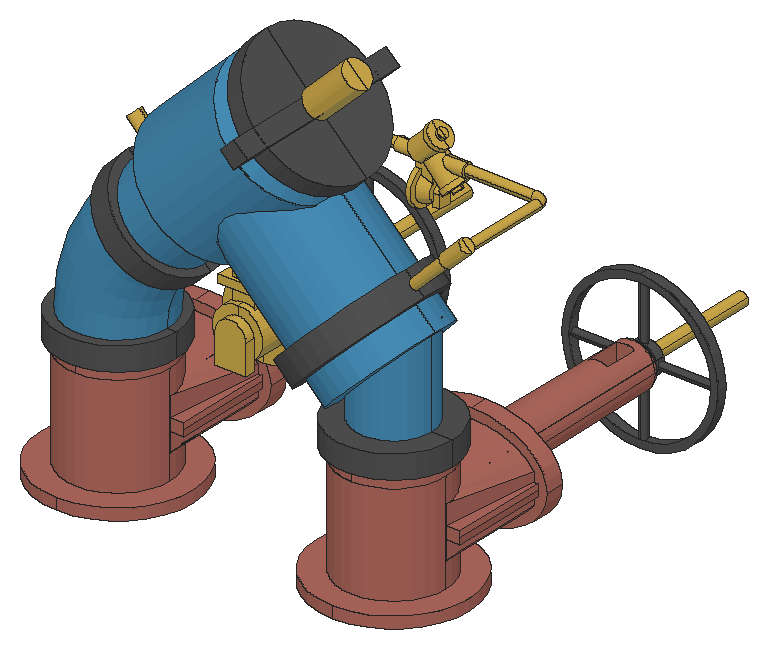
Revit family "Backflow_Preventer-RP-Zurn_Wilkins-Model_475DA_475DAG-(8-10_Inch)", category Pipe Accessories, Revit 2022
Family settings
  Round Connector Dimension = Use Radius
  Part Type = Valve - Breaks Into
  OmniClass Number = 23.65.55.14.21
  OmniClass Title = Non-Return Valves for Liquid Services
  Work Plane-Based = No
  Always vertical = Yes
  Cut with Voids When Loaded = No
  Shared = No
Parameters (values of type "10-475DA (10" 475DA Flanged)")
  URL = "https://www.zurn.com"
  Type Comments = ""
  Symbolic diagram = Symbolic diagram 475DAOSYF(8-10) : 10"
  Symbol allign = 0"
  Repair Parts URL = "https://files.zurn.com/repair-parts/475da_475dav_repair_kits_guide_digital.pdf"
  Rated Flow = 2300 GPM
  Product data URL = "https://www.bimobject.com/en/zurnindustries/product/zurn-475da"
  Product Weight (lbs) = 1113
  Product Page URL = "https://www.zurn.com/products/water-control/backflow-preventers/475da"
  Product Installation Sheet URL = "https://files.zurn.com/care-cleaning-install-warranty-sheets/is475-v,da,dav-8.pdf"
  Product Documentation Link = "https://files.zurn.com/spec-sheets/bf-475da-v.pdf"
  Pressure Loss at Rated Flow = 14.60 psi
  Pipe Size = 1 3/32"
  Overall Length = 29"
  Overall Height = 47 1/2"
  Nominal Diameter = Nominal Radius * 2  # 10"
  Modified Date = "07/17/2025"  # constant formula
  Max Working Water Temperature = 140 °F  # constant formula
  Max Working Water Pressure = 175.00 psi  # constant formula
  Manufacturer Brand = "Zurn Wilkins"  # constant formula
  Main Material = Paint - Zurn - Ductile Iron - Blue
  Main Body DA = Main Body 475 : 10"
  Symbol Length = 24"
  Nominal Radius = 5"
  Model = "475DA"
  Manufacturer = "Zurn Water, LLC"  # constant formula
  MR body flange dia-2 = 14 1/2"
  MR body flange dia-1 = 12 1/2"
  Length = Overall Length  # 29"
  Hydrostatic Test Pressure = 350.00 psi  # constant formula
  Height = Overall Height  # 47 1/2"
  Gate valve = Gate Valve_475VOSY : 10"
  Flow Rate (GPM) = 0 GPM
  Description = "Reduced Pressure Detector Assembly"  # constant formula
  Default Elevation = 0"
  Date Created = "07/17/2025"  # constant formula
  DIM D Valve Center to DA End = 13"  # constant formula
  VALVE CENTER TO END = 10"
  DIM C - VALVE CENTER TO GATE STEM END = 45 3/4"
  DA Height = 18 1/8"  # constant formula
  DA Front = 5"  # constant formula
  Bypass = Bypass 475DA(8-10_inch) : 10"
  Bend Radius Outside = 2"
  Bend Radius = 1"
  DIM B - OVERALL HEIGHT OF THE VALVE = 47 1/2"
  Assembly Code = "D2020300"
  DIM A - VALVE INLET CENTER TO OUTLET CENTER = 29"
Reference planes (in)
  plane 1 "Center (Front/Back)": y = 0
  plane 2: z = 0
  plane 3 "Center (Left/Right)": x = 0
  plane 4: z = 32.12448
  plane 5: x = 14.5
  plane 6: x = -14.5
  plane 7: z = -15.37552
  plane 8: z = -1.12552
  plane 9: y = 45.75
  plane 10: y = -10
  plane 11: y = 13
  plane 12: x = 5
  plane 13: z = 18.125
Dimensions and locks (in)
  equal spacing: plane 5, plane 3 "Center (Left/Right)", plane 6
  "DIM A - VALVE INLET CENTER TO OUTLET CENTER": plane 5 to plane 6
  "DIM B - OVERALL HEIGHT OF THE VALVE": plane 4 to plane 7
  "DIM C - VALVE CENTER TO GATE STEM END": plane 1 "Center (Front/Back)" to plane 9
  "VALVE CENTER TO END": plane 10 to plane 1 "Center (Front/Back)"
  "DIM D Valve Center to DA End": plane 11 to plane 1 "Center (Front/Back)"
  "DA Front": plane 12 to plane 3 "Center (Left/Right)"
  "DA Height": level to plane 13
  aligned and locked: plane 3 "Center (Left/Right)" to nested 1
  aligned and locked: plane 5 to nested 2
  aligned and locked: nested 3 to plane 6
  aligned and locked: nested 3 to nested 1
  aligned and locked: nested 2 to nested 1
  aligned and locked: nested 3 to plane 1 "Center (Front/Back)"
  aligned and locked: nested 2 to plane 1 "Center (Front/Back)"
  aligned and locked: plane 3 "Center (Left/Right)" to nested 4
  aligned and locked: plane 1 "Center (Front/Back)" to nested 4
  aligned and locked: plane 1 "Center (Front/Back)" to nested 5
  aligned and locked: nested 5 to plane 12
  aligned and locked: plane 13 to nested 5
  aligned and locked: level to nested 4
Nested families (in)
  nested 1: "Main Body 475" at (1.01587, 8.2845, 0), type <- "Main Body DA", type "10"", detail levels fine
  nested 2: "Gate Valve_475VOSY" at (14.5, 0, -8.8161) x (0, 0, -1) z (0, 1, 0), type <- "Gate valve", type "10"", detail levels fine
    with Housing Top Radius 2 3/8", Housing Bottom Radius 2 1/2", Horizontal Flange Thickness 1 29/32", Horizontal Flange Height 12 5/32", Cover Diameter 7 1/2", Body Radius 5 1/2", Body Diameter 11"
  nested 3: "Gate Valve_475VOSY" at (-14.5, 0, -8.81302) x (0, 0, -1) z (0, 1, 0), type <- "Gate valve", type "10"", detail levels fine
    with Housing Top Radius 2 3/8", Housing Bottom Radius 2 1/2", Horizontal Flange Thickness 1 29/32", Horizontal Flange Height 12 5/32", Cover Diameter 7 1/2", Body Radius 5 1/2", Body Diameter 11"
  nested 4: "Symbolic diagram 475DAOSYF(8-10)" at (0, 0, 0), type <- "Symbolic diagram", type "10"", detail levels coarse+medium
    with Product Install & Maintenance Sheet URL ""
  nested 5: "Bypass 475DA(8-10_inch)" at (7.01587, 3.06876, 18.125), type <- "Bypass", type "10"", detail levels fine
Connectors (in)
  piping at (-14.5, 0, -15.31302), diameter 10, driven by "Nominal Radius"
    settings: on nested 3, index 1, connector inside diameter 24", connector length 0", flow factor 0, pipe flow 0 GPM, pressure drop 0.00 psi, fitting loss kfactor 0, connector angle 0.00°, fixture units 0, engagement length 0", angle of deflection 0.00°, flow configuration 0, flow direction 1, fitting loss method 0, system type 29, joint type 0, gender type 0, connector reference index 2, connector utility 0, adjustable connector no, is connector primary yes, connector description "Inlet"
  piping at (14.5, 0, -15.3161), diameter 10, driven by "Nominal Radius"
    settings: on nested 2, index 2, connector inside diameter 24", connector length 0", flow factor 0, pipe flow 0 GPM, pressure drop 0.00 psi, fitting loss kfactor 0, connector angle 0.00°, fixture units 0, engagement length 0", angle of deflection 0.00°, flow configuration 0, flow direction 2, fitting loss method 0, system type 29, joint type 0, gender type 0, connector reference index 1, connector utility 0, adjustable connector no, is connector primary no, connector description "Outlet"
Definition of nested family "Main Body 475"
  Parameters (values of type "10"")
    Weight = "185 lbs."
    MR body flange dia-2 = 14 1/4"
    MR body flange dia-1 = 12.49991"
    MR P6 = 10.17716"
    MR P5 = 7.34859"
    MR P4 = 6"
    MR P3 = 5"
    MR P2 = 1 1/2"
    MR P1 = 8.50973"
    MR Left width = 6 1/2"
    Loss Method = (empty or 0)
    Flange Radius = Pipe Size + 1"  # 6 1/4"
    Default Elevation = 0"
    Assembly Code = ""
    Pipe Size = 5 1/4"
  Types (2): name | MR body flange dia-1 | MR P1 | MR Left width | Flange Radius | Pipe Size
    10" | 12.49991" | 8.50973" | 6 1/2" | 6 1/4" | 5 1/4"
    8" | 10 1/2" | 5" | 1" | 5 1/4" | 4 1/4"
  Reference planes (in)
    plane 1 "Center (Front/Back)": y = -8.2845
    plane 2: z = 0
    plane 3: through (12.89079, -180, 5.28568) normal (-0.7071, 0, -0.7071)
    plane 4: x = 13.48413
    plane 5: x = -15.51587
    plane 6: x = 13.48413
    plane 7: x = -15.51587
    plane 8: through (-5.92374, -180, 15.48877) normal (-0.7071, 0, 0.7071)
    plane 9: x = -1.01587
    plane 10 "pipe connection": through (-8.29685, -180, 13.28011) normal (0.7431, 0, 0.6691)
    plane 11 "C2": x = -1.99281
    plane 12: z = 32.12448
    plane 13: y = 1.7155
    plane 14: y = -18.2845
    plane 15: y = -0.79202
    plane 16: y = -15.78424
    plane 17: y = -2.03454
    plane 18: y = -14.53445
    plane 19: x = -9.01587
    plane 20: x = -7.00614
    plane 21: x = 7.48413
    plane 22: y = -16.09741
    plane 23: x = 8.48413
    plane 24: x = 11.98413
    plane 25: y = -0.47885
    plane 26: y = 1.71187
    plane 27: x = 3.30696
    plane 28: x = 6.13553
    plane 29: x = 15.0139
  Forms (in)
    Revolve 1, solid, detail levels fine
      sketch origin (0, -8.2845, 0) x (1, 0, 0) y (0, 0, 1)
        loop
          line (-9.68863, 19.1485) -> (-15.41956, 13.41757) -> (-11.70725, 9.70526) -> (4.29282, 25.70533) -> (-0.21499, 30.21313) -> (-1.05846, 29.36966) -> (-2.72363, 29.15406) -> (-11.20891, 20.66878) -> (-9.68863, 19.1485)
        axis (-11.70725, 9.70526) -> (4.29282, 25.70533)
      angle from 0 to 360
    Revolve 2, solid, detail levels fine
      sketch origin (0, -8.2845, 0) x (1, 0, 0) y (0, 0, 1)
        loop
          line (3.27988, 24.05362) -> (-1.29864, 19.47511) -> (13.19705, 4.97942) -> (17.77557, 9.55794) -> (3.27988, 24.05362)
        axis (13.19705, 4.97942) -> (-1.29864, 19.47511)
      angle from 0 to 360
    Revolve 3, solid, detail levels fine
      sketch origin (0, -8.2845, 0) x (1, 0, 0) y (0, 0, 1)
        loop
          line (-16.11167, 13.89926) -> (-11.81246, 9.60005) -> (-10.03055, 11.38196) -> (-14.32976, 15.68116) -> (-16.11167, 13.89926)
        loop
          line (5.35348, 26.76599) -> (0.14488, 32.12448) -> (-1.26947, 30.71013) -> (3.93912, 25.35163) -> (5.35348, 26.76599)
        axis (-11.81246, 9.60005) -> (5.42843, 26.84094)
      angle from 0 to 360
    Revolve 4, solid, detail levels fine
      sketch origin (0, -8.2845, 0) x (1, 0, 0) y (0, 0, 1)
        loop
          line (9.21625, 8.96022) -> (3.70729, 3.45125) -> (5.68881, 1.46972) -> (11.19778, 6.97869) -> (9.21625, 8.96022)
        axis (11.19778, 6.97869) -> (9.21625, 8.96022)
      angle from 0 to 360
    Revolve 5, solid, detail levels fine
      sketch origin (0, -8.2845, 0) x (1, 0, 0) y (0, 0, 1)
        loop
          line (21.19147, 18.95713) -> (10.2054, 7.97107) -> (10.58817, 7.5883) -> (19.45291, 16.45305) -> (19.59787, 16.30809) -> (21.71919, 18.42941) -> (21.19147, 18.95713)
        axis (21.19147, 18.95713) -> (10.2054, 7.97107)
      angle from 0 to 360
    Revolve 6, solid, detail levels fine
      sketch origin (0, -8.2845, 0) x (1, 0, 0) y (0, 0, 1)
        loop
          line (-8.396, 14.52799) -> (-11.45686, 17.76815) -> (-11.39391, 17.8311) -> (-13.22466, 19.81081) -> (-13.75877, 19.30626) -> (-8.8446, 14.10422) -> (-8.396, 14.52799)
        axis (-13.75877, 19.30626) -> (-8.8446, 14.10422)
      angle from 0 to 360
    Revolve 7, solid, detail levels fine
      sketch origin (0, -8.2845, 0) x (1, 0, 0) y (0, 0, 1)
        loop
          line (-21.76587, -2.31302) -> (-15.51587, -2.31302) -> (-15.51587, 0.16745) -> (-21.76587, 0.16745) -> (-21.76587, -2.31302)
        axis (-15.51587, 0.16745) -> (-15.51587, -2.31302)
      angle from 0 to 360
    Revolve 8, solid, detail levels fine
      sketch origin (0, -8.2845, 0) x (1, 0, 0) y (0, 0, 1)
        loop
          line (7.23413, 0.16437) -> (7.23413, -2.3161) -> (13.48413, -2.3161) -> (13.48413, 0.16437) -> (7.23413, 0.16437)
        axis (13.48413, -2.3161) -> (13.48413, 0.16437)
      angle from 0 to 360
    Sweep 9, solid, detail levels fine
      path origin (0, -8.2845, 0) x (1, 0, 0) y (0, 0, 1)
        loop
          arc (-11.45798, 9.96899) -> (-14.45815, 5.47031) -> (-15.51587, 0.16745) r 13.90798
      profile origin (-14.45815, -8.2845, 5.47031) x (0.923947, 0, -0.382519) y (0, -1, 0)
        loop
          circle (0, 0) r 5.25
    Revolve 10, solid, detail levels fine
      sketch origin (0, -8.2845, 0) x (1, 0, 0) y (0, 0, 1)
        loop
          line (13.48413, 0.16437) -> (13.48413, 9.66437) -> (9.48413, 9.66437) -> (9.48413, 0.16437) -> (13.48413, 0.16437)
        axis (13.48413, 9.66437) -> (13.48413, 0.16437)
      angle from 0 to 360
    Revolve 11, solid, detail levels fine
      sketch origin (0, -8.2845, 0) x (1, 0, 0) y (0, 0, 1)
        loop
          line (5.42843, 26.84094) -> (9.67107, 31.08358) -> (8.61041, 32.14424) -> (4.36777, 27.9016) -> (5.42843, 26.84094)
        axis (5.42843, 26.84094) -> (9.67107, 31.08358)
      angle from 0 to 360
    Extrusion 12, solid, detail levels fine
      sketch origin (0.00265, -8.2845, -0.00104) x (1, 0, 0) y (0, 0, 1)
        loop
          line (-3.19548, 9.20929) -> (-3.19548, 4.70185) -> (-0.79013, 4.70185) -> (-0.79013, 8.21296) -> (4.58589, 13.58898) -> (2.88505, 15.28982) -> (-3.19548, 9.20929)
      from -0.33214 to 0.33214
    Extrusion 13, solid, detail levels fine
      sketch origin (0.00265, -8.2845, -0.00104) x (1, 0, 0) y (0, 0, 1)
        loop
          line (-4.30281, 7.7235) -> (-4.30281, 6.91257) -> (0.31134, 6.91257) -> (0.31134, 7.7235) -> (-4.30281, 7.7235)
      from -0.80642 to 0.80642
    Extrusion 14, solid, detail levels fine
      sketch origin (0.00265, -8.2845, -0.00104) x (1, 0, 0) y (0, 0, 1)
        loop
          arc (-0.36281, 3.092) -> (-1.99281, 4.722) -> (-3.62281, 3.092) r 1.63
          line (-3.62281, 3.092) -> (-3.62281, 0) -> (-0.36281, 0) -> (-0.36281, 3.092)
      from 1.08619 to 2.07246
    Revolve 15, solid, detail levels fine
      sketch origin (-1.99016, 0, -0.00104) x (0, 0, 1) y (0, -1, 0)
        loop
          line (3.05, 5.28344) -> (7.2375, 5.28344) -> (7.2375, 6.1316) -> (5.69, 6.1316) -> (5.69, 9.37069) -> (3.05, 9.37069) -> (3.05, 5.28344)
        axis (3.05, 9.37069) -> (3.05, 5.28344)
      angle from 0 to 360
    Extrusion 16, solid, detail levels fine
      sketch origin (0, -8.2845, 0) x (1, 0, 0) y (0, 0, 1)
        loop
          line (6.13553, 26.13383) -> (4.72132, 27.54804) -> (3.30696, 26.13369) -> (4.72118, 24.71947) -> (6.13553, 26.13383)
      from -10 to 10
  Lines and regions (in)
    Masking region 1, detail levels fine
      outline origin (-1.02384, -8.28813, 0) x (1, 0, 0) y (0, 1, 0)
        loop
          arc (-14.49204, 6.25359) -> (-20.74199, 0.00363) -> (-14.49204, -6.24632) r 6.24996
          line (-14.49204, -6.24632) -> (-7.99204, -6.24632) -> (-5.9823, -7.49611) -> (4.3308, -7.49611) -> (4.3308, -10) -> (7.15937, -10) -> (7.15937, -7.49611) -> (8.50796, -7.49611) -> (9.50796, -7.80928) -> (13.00796, -7.80928) -> (14.5312, -7.12133)
          arc (14.5312, -7.12133) -> (19.28219, -5.28526) -> (21.59338, -0.74637) r 7.125
          line (21.59338, -0.74637) -> (22.7608, -0.74637) -> (22.7608, 0.75363) -> (21.54829, 0.75363)
          arc (21.54829, 0.75363) -> (19.24506, 5.26563) -> (14.51671, 7.08379) r 7.08017
          line (14.51671, 7.08379) -> (13.00796, 7.80928) -> (9.50796, 7.80928) -> (8.50796, 7.49611) -> (7.15937, 7.49611) -> (7.15937, 10) -> (4.3308, 10) -> (4.3308, 7.49611) -> (-5.9823, 7.49611) -> (-7.99204, 6.25359) -> (-14.49204, 6.25359)
  Dimensions and locks (in)
    plane 6 to plane 7 = 29"
    equal spacing: plane 6, plane 9, plane 7
    Revolve 1 sketch curve to Revolve 1 sketch curve = 5 1/4"
    locked: Revolve 3 sketch curve to Revolve 3 sketch curve at 2.52
    locked: Revolve 7 sketch curve to Revolve 7 sketch curve at 2.48047
    locked: Revolve 8 sketch curve to Revolve 8 sketch curve at 2.48047
    locked: Revolve 1 sketch curve to Revolve 1 sketch curve at 8.10476
    locked: Revolve 1 sketch curve to Revolve 1 sketch curve at 2.15
    locked: Revolve 1 sketch curve to Revolve 1 sketch curve at 12
    locked: Revolve 1 sketch curve to Revolve 1 sketch curve at 6.375
    locked: Revolve 1 sketch curve to Revolve 1 sketch curve at 1.025
    "Flange Radius": Revolve 7 sketch curve to Revolve 7 sketch curve
    "Flange Radius": Revolve 8 sketch curve to Revolve 8 sketch curve
    locked: Revolve 3 sketch curve to Revolve 3 sketch curve at 7.47206
    locked: Revolve 3 sketch curve to Revolve 3 sketch curve at 6.08
    locked: Revolve 2 sketch curve to Revolve 2 sketch curve at 6.475
    locked: plane 10 "pipe connection" to Revolve 1 sketch curve at 5.20122
    locked: Revolve 2 sketch curve to Revolve 2 sketch curve at 20.5
    locked: plane 8 to Revolve 2 sketch curve at 0.45167
    locked: Revolve 7 sketch curve to level at 0.16745
    locked: Revolve 8 sketch curve to level at 0.16437
    locked: Revolve 10 sketch curve to Revolve 10 sketch curve at 9.5
    locked: Revolve 10 sketch curve to level at 0.16437
    locked: plane 10 "pipe connection" to Revolve 3 sketch curve at 2.55851
    locked: Revolve 4 sketch curve to Revolve 4 sketch curve at 2.80231
    locked: Revolve 4 sketch curve to Revolve 4 sketch curve at 7.79086
    locked: plane 10 "pipe connection" to Sweep 9 sketch curve at 4.56475
    locked: Revolve 6 sketch curve to plane 10 "pipe connection" at 0.76131
    locked: Revolve 6 sketch curve to Revolve 6 sketch curve at 0.73474
    locked: Revolve 6 sketch curve to Revolve 6 sketch curve at 7.15613
    locked: Revolve 6 sketch curve to Revolve 6 sketch curve at 2.69631
    Revolve 5 sketch curve to Revolve 5 sketch curve = 3"
    locked: Revolve 11 sketch curve to Revolve 11 sketch curve at 1.5
    locked: Revolve 1 sketch curve to Revolve 1 sketch curve at 1.19284
    Revolve 11 sketch curve to Revolve 11 sketch curve = 6"
    plane 12 to Revolve 7 = 34 7/16"
    locked: Revolve 3 sketch curve to Revolve 3 sketch curve at 2
    locked: Revolve 3 sketch curve to Revolve 3 sketch curve at 19.84036
    locked: plane 8 to Revolve 4 sketch curve at 15.32198
    Revolve 10 sketch curve to Revolve 10 sketch curve = 4"
    locked: Extrusion 12 sketch curve to Extrusion 12 sketch curve at 2.40535
    locked: Extrusion 12 sketch curve to Extrusion 12 sketch curve at 3.51112
    locked: Extrusion 12 sketch curve to Extrusion 12 sketch curve at 4.50745
    locked: Extrusion 13 sketch curve to Extrusion 13 sketch curve at 4.61414
    locked: Extrusion 13 sketch curve to Extrusion 13 sketch curve at 0.81093
    locked: Revolve 15 sketch curve to Revolve 15 sketch curve at 0.84815
    locked: Revolve 15 sketch curve to Revolve 15 sketch curve at 3.23909
    locked: Revolve 15 sketch curve to Revolve 15 sketch curve at 4.1875
    locked: Revolve 15 sketch curve to Revolve 15 sketch curve at 2.64
    locked: Extrusion 13 to Revolve 15 sketch curve at 3.86257
    locked: Extrusion 14 sketch curve to Extrusion 14 sketch curve at 3.26
    locked: Extrusion 13 to Extrusion 14 sketch curve at 6.91257
    locked: Extrusion 13 to Extrusion 14 sketch curve at 3.93414
    locked: Extrusion 14 to Revolve 15 at 0.98626
    locked: Extrusion 14 sketch curve to Extrusion 14 sketch curve at 3.092
    locked: Extrusion 12 to Extrusion 12 at 0.66428
    Extrusion 13 to Extrusion 13 = 1.61283"
    locked: Extrusion 12 sketch curve to plane 9 at 0.22839
    locked: Extrusion 12 sketch curve to Extrusion 12 sketch curve at 8.59917
    locked: Extrusion 12 sketch curve to Extrusion 12 sketch curve at 7.60284
    locked: plane 9 to Extrusion 13 sketch curve at 3.28429
    locked: Extrusion 13 sketch curve to level at 6.91153
    locked: Revolve 15 sketch curve to plane 1 "Center (Front/Back)" at 3.00105
    equal spacing: Extrusion 12, plane 1 "Center (Front/Back)", Extrusion 12
    locked: plane 1 "Center (Front/Back)" to Extrusion 12 at 0.33214
    equal spacing: Extrusion 13, plane 1 "Center (Front/Back)", Extrusion 13
    locked: plane 1 "Center (Front/Back)" to Extrusion 13 at 0.80642
    locked: Revolve 5 sketch curve to Revolve 5 sketch curve at 0.54131
    locked: Revolve 5 sketch curve to Revolve 5 sketch curve at 0.74631
    plane 3 to Revolve 5 sketch curve = 12.53664"
    locked: Revolve 6 sketch curve to plane 8 at 5.52427
    locked: Extrusion 16 sketch curve to plane 8 at 1  (x2)
    locked: Extrusion 16 sketch curve to plane 10 "pipe connection" at 19.32617
    Extrusion 16 sketch curve to plane 10 "pipe connection" = 17.32871"
    plane 14 to plane 1 "Center (Front/Back)" to plane 13 = 10" locked, 10" locked
    plane 15 to plane 16 = 14.99222"  (x2)
    "MR Left width": plane 7 to plane 19
    "MR P1": plane 7 to plane 20
    "MR P2": plane 24 to plane 6
    "MR P3": plane 23 to plane 6
    "MR P4": plane 21 to plane 6
    "MR P5": plane 28 to plane 6
    "MR P6": plane 27 to plane 6
    equal spacing: plane 17, plane 1 "Center (Front/Back)", plane 18
    "MR body flange dia-1": plane 17 to plane 18
    Masking region 1 sketch curve to Masking region 1 sketch curve = 1 1/2"
    equal spacing: Masking region 1 sketch curve, plane 1 "Center (Front/Back)", Masking region 1 sketch curve
    "Pipe Size": radius of Sweep 9 sketch curve
    radius of Sweep 9 sketch curve = 13.90798"
    radius of Extrusion 14 sketch curve = 1.63"
    "MR body flange dia-1": diameter of Masking region 1 sketch curve
    "MR body flange dia-2": diameter of Masking region 1 sketch curve
    angle plane 3 to level = 45.00°
    aligned and locked: Revolve 1 sketch curve to plane 8  (x2)
    aligned and locked: Revolve 2 sketch curve to plane 3
    aligned and locked: plane 8 to Revolve 3 sketch curve
    aligned and locked: Revolve 3 sketch curve to Revolve 3 sketch curve
    aligned and locked: Revolve 4 sketch curve to plane 3
    aligned and locked: Revolve 4 sketch curve to Revolve 4 sketch curve
    aligned and locked: Revolve 5 sketch curve to Revolve 5 sketch curve
    aligned and locked: Revolve 6 sketch curve to Revolve 6 sketch curve
    aligned and locked: Revolve 7 sketch curve to Revolve 7 sketch curve
    aligned and locked: Revolve 8 sketch curve to plane 6
    aligned and locked: Revolve 8 sketch curve to Revolve 8 sketch curve
    aligned and locked: Revolve 10 sketch curve to Revolve 10 sketch curve
    aligned and locked: Revolve 11 sketch curve to plane 8  (x2)
    aligned and locked: plane 12 to Revolve 3 sketch curve
    aligned and locked: Revolve 11 sketch curve to Revolve 3
    aligned and locked: Revolve 2 sketch curve to Revolve 2 sketch curve
    aligned and locked: Extrusion 12 sketch curve to plane 3
    aligned and locked: Extrusion 14 to Revolve 15
    aligned and locked: plane 3 to Revolve 5 sketch curve
    aligned and locked: plane 14 to Extrusion 16
    aligned and locked: plane 13 to Extrusion 16
    aligned and locked: Masking region 1 sketch curve to plane 15  (x2)
    aligned and locked: plane 25 to Masking region 1 sketch curve  (x2)
    aligned and locked: plane 24 to Masking region 1 sketch curve  (x2)
    aligned and locked: plane 20 to Masking region 1 sketch curve  (x2)
    aligned and locked: plane 21 to Masking region 1 sketch curve  (x2)
    aligned and locked: plane 23 to Masking region 1 sketch curve  (x2)
    aligned and locked: plane 26 to Masking region 1 sketch curve
    aligned and locked: Masking region 1 sketch curve to plane 28
    aligned and locked: plane 28 to Masking region 1 sketch curve  (x3)
    aligned and locked: plane 27 to Masking region 1 sketch curve  (x2)
    aligned and locked: plane 16 to Masking region 1 sketch curve  (x3)
    aligned and locked: plane 19 to Masking region 1 sketch curve  (x2)
    aligned and locked: plane 17 to Masking region 1 sketch curve
    aligned and locked: plane 15 to Masking region 1 sketch curve
    aligned and locked: plane 22 to Masking region 1 sketch curve  (x2)
    aligned and locked: plane 18 to Masking region 1 sketch curve
    aligned and locked: plane 5 to plane 7
    aligned and locked: plane 7 to Masking region 1 sketch curve
    aligned and locked: plane 1 "Center (Front/Back)" to Masking region 1 sketch curve  (x3)
    aligned and locked: plane 4 to plane 6
    aligned and locked: plane 6 to Masking region 1 sketch curve  (x2)
    aligned and locked: plane 28 to Extrusion 16
    aligned and locked: plane 27 to Extrusion 16
  Automatic sketch dimensions
    Revolve 7 sketch curve to plane 7 = 0"
    Revolve 7 sketch curve to Revolve 7 sketch curve = 9.72441"
    Revolve 7 sketch curve to Revolve 7 sketch curve = 0.74054"
    Revolve 8 sketch curve to Revolve 8 sketch curve = 9.72441"
    Revolve 8 sketch curve to Revolve 8 sketch curve = 5.66"
    Sweep 9 sketch curve to plane 7 = 0"
    level to Sweep 9 sketch curve = 0.15024"
    level to Sweep 9 sketch curve = 0.16745"
    Revolve 1 sketch curve to plane 5 = 0.7608"
    Revolve 1 sketch curve to plane 9 = 0.04259"
    Revolve 1 sketch curve to Revolve 1 sketch curve = 0.61679"
    plane 12 to Revolve 11 sketch curve = 3.7417"
    plane 12 to Revolve 11 sketch curve = 0.91327"
    plane 8 to Revolve 3 sketch curve = 0"
    Revolve 3 sketch curve to plane 5 = 0.7608"
    Revolve 3 sketch curve to plane 9 = 0.2536"
    plane 12 to Revolve 3 sketch curve = 1.51211"
    plane 4 to Revolve 4 sketch curve = 0"
    Revolve 4 sketch curve to Revolve 4 sketch curve = 0.00707"
    Revolve 2 sketch curve to plane 3 = 0"
    plane 3 to Revolve 2 sketch curve = 0"
    plane 4 to Revolve 2 sketch curve = 3.0052"
    plane 6 to Revolve 10 sketch curve = 0"
    Revolve 10 sketch curve to level = 6 1/4"
    Revolve 10 sketch curve to Revolve 10 sketch curve = 2.58563"
    Revolve 6 sketch curve to plane 5 = 0.01772"
    plane 7 to Revolve 6 sketch curve = 1.75711"
    Revolve 6 sketch curve to Revolve 6 sketch curve = 0.53411"
    Revolve 6 sketch curve to Revolve 6 sketch curve = 0.06294"
    Revolve 6 sketch curve to Revolve 6 sketch curve = 0.70831"
    Revolve 6 sketch curve to Revolve 6 sketch curve = 0.4486"
    plane 4 to Revolve 5 sketch curve = 3.27873"
    Revolve 5 sketch curve to Revolve 5 sketch curve = 2.51265"
    Revolve 5 sketch curve to Revolve 5 sketch curve = 0.16923"
    Sweep 9 sketch curve to plane 1 "Center (Front/Back)" = 0"
    Sweep 9 sketch curve to profile plane = 0"
    level to Revolve 15 sketch curve = 3.04896"
    Revolve 15 sketch curve to Revolve 15 sketch curve = 0.21369"
    Revolve 15 sketch curve to Revolve 15 sketch curve = 0.78631"
    Masking region 1 sketch curve to plane 4 = 0.00875"
    Masking region 1 sketch curve to plane 4 = 0.02323"
    Masking region 1 sketch curve to Masking region 1 sketch curve = 0.04509"
    Masking region 1 sketch curve to Masking region 1 sketch curve = 1.16742"
    plane 14 to Masking region 1 sketch curve = 0.00363"
Definition of nested family "Gate Valve_475VOSY"
  Parameters (values of type "8" G")
    URL = "http://www.zurn.com/operations/wilkins/pdfs/specsheets/GV-48WILKINS.pdf"
    Symbol Width = 0.5 * Body Length * tan(30.00°)  # 3.31976"
    Spoke Width = Hand Wheel Radius - 3/4"  # 6 5/8"
    Pipe Size = 8"
    Pipe Radius = 4"
    Open Height = 37 3/4"
    OSY = yes
    Model = "48"
    Manufacturer = "Zurn Wilkins"
    MR flange dia-2 = 12"
    Loss Method = (empty or 0)
    Housing Top Radius [instance] = Housing Bottom Radius - 1/8"  # 2 3/8"
    Housing Bottom Radius [instance] = if(Hand Wheel Diameter > 11", 2 1/2", 1 13/16")  # 2 1/2"
    Horizontal Flange Thickness [instance] = ((Flange Thickness * 0.75) * 2) + 1/8"  # 1 13/16"
    Horizontal Flange Height [instance] = (Flange Diameter / 2) + ((Flange Thickness * 2) * 1.75)  # 10 11/16"
    Hand Wheel Height = Open Height / 2  # 18 7/8"
    Hand Wheel Radius = Hand Wheel Diameter / 2  # 7 3/8"
    Hand Wheel Diameter = 14 3/4"
    Flange dia-2 = 9"
    Flange Thickness = 1 1/8"
    Flange Radius = Flange Diameter / 2  # 6 3/4"
    Flange Diameter = 13 1/2"
    Description = "Gate Valve"
    Default Elevation = 0"
    Cover Diameter [instance] = (Flange Diameter / 2) - 1/2"  # 6 1/4"
    Closed Height = 28 1/2"
    Body Radius [instance] = (Pipe Size / 2) + 1/2"  # 4 1/2"
    Body Length = 11 1/2"
    Body Diameter [instance] = Body Radius * 2  # 9"
    Assembly Code = "D2090800"
  Types (4): name | Symbol Width | Spoke Width | Pipe Size | Pipe Radius | Open Height | MR flange dia-2 | Horizontal Flange Thickness | Horizontal Flange Height | Hand Wheel Height | Hand Wheel Radius | Hand Wheel Diameter | Flange dia-2 | Flange Thickness | Flange Radius | Flange Diameter | Cover Diameter | Closed Height | Body Radius | Body Length | Body Diameter
    10" | 3.75278" | 7 7/16" | 10" | 5" | 45 3/4" | 16" | 1 29/32" | 12 5/32" | 22 7/8" | 8 3/16" | 16 3/8" | 16" | 1 3/16" | 8" | 16" | 7 1/2" | 34 3/4" | 5 1/2" | 13" | 11"
    8" | 3.31976" | 6 5/8" | 8" | 4" | 37 3/4" | 16" | 1 13/16" | 10 11/16" | 18 7/8" | 7 3/8" | 14 3/4" | 16" | 1 1/8" | 6 3/4" | 13 1/2" | 6 1/4" | 28 1/2" | 4 1/2" | 11 1/2" | 9"
    10" G | 3.75278" | 7 7/16" | 10" | 5" | 45 3/4" | 14 1/2" | 1 29/32" | 12 5/32" | 22 7/8" | 8 3/16" | 16 3/8" | 11" | 1 3/16" | 8" | 16" | 7 1/2" | 34 3/4" | 5 1/2" | 13" | 11"
    8" G | 3.31976" | 6 5/8" | 8" | 4" | 37 3/4" | 12" | 1 13/16" | 10 11/16" | 18 7/8" | 7 3/8" | 14 3/4" | 9" | 1 1/8" | 6 3/4" | 13 1/2" | 6 1/4" | 28 1/2" | 4 1/2" | 11 1/2" | 9"
  Reference planes (in)
    plane 1 "Center (Front/Back)": y = 0
    plane 2: z = 0
    plane 3 "Center (Left/Right)": x = 0
    plane 4 "Left": x = -5.75
    plane 5 "Right": x = 5.75
    plane 6: z = 37.75
    plane 7 "Flange Left": x = -4.625
    plane 8 "Flange Right": x = 4.625
    plane 9 "Horizontal Flange": z = 10.6875
    plane 10 "Tap Left": x = -3.375
    plane 11 "Tap Right": x = 3.375
    plane 12 "Horizontal Flange Bottom": z = 8.875
    plane 13: y = 6.75
    plane 14: y = -6.75
    plane 15: z = 13
    plane 16: y = 5.75
    plane 17: y = -5.75
    plane 18: x = -3.625
    plane 19: x = 3.625
    plane 20: y = 5.25
    plane 21: y = -5.25
    plane 22: x = -3.125
    plane 23: x = 3.125
    plane 24: y = 3.125
    plane 25: y = -3.125
    plane 26: y = 2.375
    plane 27: y = -2.375
    plane 28: y = 4.5
    plane 29: y = -4.5
    plane 30: z = 6.75
    plane 31: y = 4.75
    plane 32: y = -4.75
    plane 33: x = 6.875
    plane 34: x = -6.875
    plane 35: y = 3.31976
    plane 36: y = -3.31976
    plane 37: z = 26.625
    plane 38: z = 25.625
    plane 39: z = 24.25
    plane 40: z = 20.625
    plane 41: z = -1.875
    plane 42: y = -7.375
    plane 43: y = 7.375
    plane 44: y = 0.6875
    plane 45: y = -0.6875
    plane 46: y = 2.5
    plane 47: y = -2.5
    plane 48: z = 0
  Forms (in)
    Extrusion 1, solid, detail levels fine
      sketch origin (0, 0, 0) x (0, 1, 0) y (0, 0, 1)
        loop
          circle (0, 0) r 4.5
      from -4.625 to 4.625
    Extrusion 2, solid, detail levels fine
      sketch origin (-4.625, 0, 0) x (0, 0, 1) y (0, -1, 0)
        loop
          circle (0, 0) r 4.5
      from 0 to -1.125
    Extrusion 3, solid, detail levels fine
      sketch origin (4.25, 0, 0) x (0, 0, 1) y (0, -1, 0)
        loop
          circle (0, 0) r 4.5
      from 0.375 to 1.5
    Extrusion 4, solid, detail levels fine
      sketch origin (0, 0, 10.6875) x (-1, 0, 0) y (0, -1, 0)
        loop
          spline (0, -6.75) -> (0.60368, -6.69225) -> (1.19704, -6.52) -> (1.76991, -6.23619) -> (2.3125, -5.84567) -> (2.81552, -5.35514) -> (3.27037, -4.77297) -> (3.66926, -4.10914) -> (4.00537, -3.375) -> (4.27294, -2.58311) -> (4.46741, -1.74703) -> (4.58543, -0.88105) -> (4.625, 0)
          spline (4.625, 0) -> (4.58543, 0.88105) -> (4.46741, 1.74703) -> (4.27294, 2.58311) -> (4.00537, 3.375) -> (3.66926, 4.10914) -> (3.27037, 4.77297) -> (2.81552, 5.35514) -> (2.3125, 5.84567) -> (1.76991, 6.23619) -> (1.19704, 6.52) -> (0.60368, 6.69225) -> (0, 6.75)
          spline (0, 6.75) -> (-0.60368, 6.69225) -> (-1.19704, 6.52) -> (-1.76991, 6.23619) -> (-2.3125, 5.84567) -> (-2.81552, 5.35514) -> (-3.27037, 4.77297) -> (-3.66926, 4.10914) -> (-4.00537, 3.375) -> (-4.27294, 2.58311) -> (-4.46741, 1.74703) -> (-4.58543, 0.88105) -> (-4.625, 0)
          spline (-4.625, 0) -> (-4.58543, -0.88105) -> (-4.46741, -1.74703) -> (-4.27294, -2.58311) -> (-4.00537, -3.375) -> (-3.66926, -4.10914) -> (-3.27037, -4.77297) -> (-2.81552, -5.35514) -> (-2.3125, -5.84567) -> (-1.76991, -6.23619) -> (-1.19704, -6.52) -> (-0.60368, -6.69225) -> (0, -6.75)
      from -1.8125 to 0
    Blend 5, solid, detail levels fine
      base sketch origin (0, 0, 0) x (1, 0, 0) y (0, 1, 0)
        loop
          line (0.625, 4.5) -> (0.625, 5.66601)
          spline (0.625, 5.66601) -> (0.57336, 5.67939) -> (0.52161, 5.69163) -> (0.46975, 5.7027) -> (0.4178, 5.71262) -> (0.36576, 5.72137) -> (0.31365, 5.72896) -> (0.26147, 5.73539) -> (0.20924, 5.74065) -> (0.15697, 5.74474) -> (0.10466, 5.74766) -> (0.05234, 5.74942) -> (0, 5.75)
          spline (0, 5.75) -> (-0.05234, 5.74942) -> (-0.10466, 5.74766) -> (-0.15697, 5.74474) -> (-0.20924, 5.74065) -> (-0.26147, 5.73539) -> (-0.31365, 5.72896) -> (-0.36576, 5.72137) -> (-0.4178, 5.71262) -> (-0.46975, 5.7027) -> (-0.52161, 5.69163) -> (-0.57336, 5.67939) -> (-0.625, 5.66601)
          line (-0.625, 5.66601) -> (-0.625, 4.5) -> (-2.25661, 4.5)
          spline (-2.25661, 4.5) -> (-2.46259, 4.21952) -> (-2.65475, 3.91537) -> (-2.83202, 3.58927) -> (-2.99342, 3.24304) -> (-3.13802, 2.87862) -> (-3.26503, 2.49806) -> (-3.37373, 2.10349) -> (-3.46351, 1.69713) -> (-3.53386, 1.28124) -> (-3.5844, 0.85818) -> (-3.61484, 0.43029) -> (-3.625, 0)
          spline (-3.625, 0) -> (-3.61484, -0.43029) -> (-3.5844, -0.85818) -> (-3.53386, -1.28124) -> (-3.46351, -1.69713) -> (-3.37373, -2.10349) -> (-3.26503, -2.49806) -> (-3.13802, -2.87862) -> (-2.99342, -3.24304) -> (-2.83202, -3.58927) -> (-2.65475, -3.91537) -> (-2.46259, -4.21952) -> (-2.25661, -4.5)
          line (-2.25661, -4.5) -> (-0.625, -4.5) -> (-0.625, -5.66601)
          spline (-0.625, -5.66601) -> (-0.57336, -5.67939) -> (-0.52161, -5.69163) -> (-0.46975, -5.7027) -> (-0.4178, -5.71262) -> (-0.36576, -5.72137) -> (-0.31365, -5.72896) -> (-0.26147, -5.73539) -> (-0.20924, -5.74065) -> (-0.15697, -5.74474) -> (-0.10466, -5.74766) -> (-0.05234, -5.74942) -> (0, -5.75)
          spline (0, -5.75) -> (0.05234, -5.74942) -> (0.10466, -5.74766) -> (0.15697, -5.74474) -> (0.20924, -5.74065) -> (0.26147, -5.73539) -> (0.31365, -5.72896) -> (0.36576, -5.72137) -> (0.4178, -5.71262) -> (0.46975, -5.7027) -> (0.52161, -5.69163) -> (0.57336, -5.67939) -> (0.625, -5.66601)
          line (0.625, -5.66601) -> (0.625, -4.5) -> (2.25661, -4.5)
          spline (2.25661, -4.5) -> (2.46259, -4.21952) -> (2.65475, -3.91537) -> (2.83202, -3.58927) -> (2.99342, -3.24304) -> (3.13802, -2.87862) -> (3.26503, -2.49806) -> (3.37373, -2.10349) -> (3.46351, -1.69713) -> (3.53386, -1.28124) -> (3.5844, -0.85818) -> (3.61484, -0.43029) -> (3.625, 0)
          spline (3.625, 0) -> (3.61484, 0.43029) -> (3.5844, 0.85818) -> (3.53386, 1.28124) -> (3.46351, 1.69713) -> (3.37373, 2.10349) -> (3.26503, 2.49806) -> (3.13802, 2.87862) -> (2.99342, 3.24304) -> (2.83202, 3.58927) -> (2.65475, 3.91537) -> (2.46259, 4.21952) -> (2.25661, 4.5)
          line (2.25661, 4.5) -> (0.625, 4.5)
      top sketch origin (0, 0, 0) x (1, 0, 0) y (0, 1, 0)
        loop
          line (0.625, 5.25) -> (0.625, 5.66601)
          spline (0.625, 5.66601) -> (0.57336, 5.67939) -> (0.52161, 5.69163) -> (0.46975, 5.7027) -> (0.4178, 5.71262) -> (0.36576, 5.72137) -> (0.31365, 5.72896) -> (0.26147, 5.73539) -> (0.20924, 5.74065) -> (0.15697, 5.74474) -> (0.10466, 5.74766) -> (0.05234, 5.74942) -> (0, 5.75)
          spline (0, 5.75) -> (-0.05234, 5.74942) -> (-0.10466, 5.74766) -> (-0.15697, 5.74474) -> (-0.20924, 5.74065) -> (-0.26147, 5.73539) -> (-0.31365, 5.72896) -> (-0.36576, 5.72137) -> (-0.4178, 5.71262) -> (-0.46975, 5.7027) -> (-0.52161, 5.69163) -> (-0.57336, 5.67939) -> (-0.625, 5.66601)
          line (-0.625, 5.66601) -> (-0.625, 5.25) -> (-1.4785, 5.25)
          spline (-1.4785, 5.25) -> (-1.7886, 5.00134) -> (-2.08226, 4.70673) -> (-2.3568, 4.36888) -> (-2.60967, 3.99089) -> (-2.83858, 3.57622) -> (-3.0414, 3.1287) -> (-3.21627, 2.65244) -> (-3.3616, 2.1518) -> (-3.47604, 1.63139) -> (-3.55854, 1.09599) -> (-3.60835, 0.55053) -> (-3.625, 0)
          spline (-3.625, 0) -> (-3.60835, -0.55053) -> (-3.55854, -1.09599) -> (-3.47604, -1.63139) -> (-3.3616, -2.1518) -> (-3.21627, -2.65244) -> (-3.0414, -3.1287) -> (-2.83858, -3.57622) -> (-2.60967, -3.99089) -> (-2.3568, -4.36888) -> (-2.08226, -4.70673) -> (-1.7886, -5.00134) -> (-1.4785, -5.25)
          line (-1.4785, -5.25) -> (-0.625, -5.25) -> (-0.625, -5.66601)
          spline (-0.625, -5.66601) -> (-0.57336, -5.67939) -> (-0.52161, -5.69163) -> (-0.46975, -5.7027) -> (-0.4178, -5.71262) -> (-0.36576, -5.72137) -> (-0.31365, -5.72896) -> (-0.26147, -5.73539) -> (-0.20924, -5.74065) -> (-0.15697, -5.74474) -> (-0.10466, -5.74766) -> (-0.05234, -5.74942) -> (0, -5.75)
          spline (0, -5.75) -> (0.05234, -5.74942) -> (0.10466, -5.74766) -> (0.15697, -5.74474) -> (0.20924, -5.74065) -> (0.26147, -5.73539) -> (0.31365, -5.72896) -> (0.36576, -5.72137) -> (0.4178, -5.71262) -> (0.46975, -5.7027) -> (0.52161, -5.69163) -> (0.57336, -5.67939) -> (0.625, -5.66601)
          line (0.625, -5.66601) -> (0.625, -5.25) -> (1.4785, -5.25)
          spline (1.4785, -5.25) -> (1.7886, -5.00134) -> (2.08226, -4.70673) -> (2.3568, -4.36888) -> (2.60967, -3.99089) -> (2.83858, -3.57622) -> (3.0414, -3.1287) -> (3.21627, -2.65244) -> (3.3616, -2.1518) -> (3.47604, -1.63139) -> (3.55854, -1.09599) -> (3.60835, -0.55053) -> (3.625, 0)
          spline (3.625, 0) -> (3.60835, 0.55053) -> (3.55854, 1.09599) -> (3.47604, 1.63139) -> (3.3616, 2.1518) -> (3.21627, 2.65244) -> (3.0414, 3.1287) -> (2.83858, 3.57622) -> (2.60967, 3.99089) -> (2.3568, 4.36888) -> (2.08226, 4.70673) -> (1.7886, 5.00134) -> (1.4785, 5.25)
          line (1.4785, 5.25) -> (0.625, 5.25)
      from 0 to 8.875
    Extrusion 6, solid, detail levels fine
      sketch origin (-0.03217, 0, 0) x (0.434027, 0.9009, 0) y (-0.9009, 0.434027, 0)
        loop
          circle (0.01396, -0.02898) r 0.6875
      from 0 to 37.75
    Revolve 7, solid, visible <- "OSY", detail levels fine
      sketch origin (-0.03217, 0, 0) x (0, 1, 0) y (0, 0, 1)
        loop
          line (0, 10.6875) -> (2.5, 10.6875) -> (2.375, 25.13597)
          arc (2.375, 25.13597) -> (2.22477, 25.48241) -> (1.87512, 25.625) r 0.5
          line (1.87512, 25.625) -> (0, 25.625) -> (0, 10.6875)
        axis (0, 10.6875) -> (0, 25.625)
      angle from 0 to 360
    Extrusion 8, void
      sketch origin (-0.03217, 0, 0) x (0, 1, 0) y (0, 0, 1)
        loop
          line (0.9996, 24.25) -> (-1.00282, 24.25) -> (-1.00282, 20.625) -> (0.9996, 20.625) -> (0.9996, 24.25)
      from -3 to 3
    Extrusion 9, solid, detail levels fine
      sketch origin (0, 0, 26.625) x (-1, 0, 0) y (0, -1, 0)
        loop
          circle (0, 0) r 1.5
      from -0.75 to 0.75
    Extrusion 10, solid, detail levels fine
      sketch origin (0, 0, 26.625) x (-1, 0, 0) y (0, -1, 0)
        loop
          circle (0, 0) r 7.375
        loop
          circle (0, 0) r 6.625
        loop
          circle (0, 0) r 1.75
      from -0.5 to 0.5
    Revolve 11, solid, detail levels fine
      sketch origin (0, 0, 0) x (1, 0, 0) y (0, 0, 1)
        loop
          line (-6.625, 27) -> (-6.625, 26.625) -> (6.625, 26.625) -> (6.625, 27) -> (-6.625, 27)
        axis (-6.625, 26.625) -> (6.625, 26.625)
      angle from 0 to 360
    Revolve 12, solid, detail levels fine
      sketch origin (0, 0, 0) x (0, 1, 0) y (0, 0, 1)
        loop
          line (6.625, 26.625) -> (6.625, 27) -> (-6.625, 27) -> (-6.625, 26.625) -> (6.625, 26.625)
        axis (6.625, 26.625) -> (-6.625, 26.625)
      angle from 0 to 360
  Cuts and joins
    Extrusion 8 cuts Revolve 7
  Lines and regions (in)
    Masking region 1, detail levels fine
      outline origin (-5.75, 0, 0) x (0, 1, 0) y (0, 0, 1)
        loop
          line (5.75, 1.71391) -> (5.75, 8.875) -> (6.75, 8.875) -> (6.75, 10.6875) -> (2.5, 10.6875) -> (2.5, 26.125) -> (7.375, 26.125) -> (7.375, 27.125) -> (0.6875, 27.125) -> (0.6875, 37.75) -> (-0.6875, 37.75) -> (-0.6875, 27.125) -> (-7.375, 27.125) -> (-7.375, 26.125) -> (-2.5, 26.125) -> (-2.5, 10.6875) -> (-6.75, 10.6875) -> (-6.75, 8.875) -> (-5.75, 8.875) -> (-5.75, 1.71391)
          arc (-5.75, 1.71391) -> (0, -6) -> (5.75, 1.71391) r 6
  Dimensions and locks (in)
    "Open Height": plane 6 to plane 2
    equal spacing: plane 5 "Right", plane 3 "Center (Left/Right)", plane 4 "Left"
    "Body Length": plane 5 "Right" to plane 4 "Left"
    "Flange Thickness": plane 7 "Flange Left" to plane 4 "Left"
    "Flange Thickness": plane 5 "Right" to plane 8 "Flange Right"
    locked: plane 10 "Tap Left" to plane 7 "Flange Left" at 1.25
    locked: plane 11 "Tap Right" to plane 8 "Flange Right" at 1.25
    "Horizontal Flange Height": plane 9 "Horizontal Flange" to plane 2
    "Horizontal Flange Thickness": plane 9 "Horizontal Flange" to plane 12 "Horizontal Flange Bottom"
    equal spacing: plane 13, plane 1 "Center (Front/Back)", plane 14
    "Flange Diameter": plane 13 to plane 14
    locked: plane 13 to plane 16 at 1
    locked: plane 17 to plane 14 at 1
    locked: plane 7 "Flange Left" to plane 18 at 1
    locked: plane 19 to plane 8 "Flange Right" at 1
    locked: plane 16 to plane 20 at 0.5
    locked: plane 21 to plane 17 at 0.5
    locked: plane 18 to plane 22 at 0.5
    locked: plane 23 to plane 19 at 0.5
    locked: plane 24 to plane 26 at 0.75
    locked: plane 27 to plane 25 at 0.75
    "Cover Diameter": plane 24 to plane 25
    equal spacing: plane 24, plane 1 "Center (Front/Back)", plane 25
    equal spacing: plane 28, plane 1 "Center (Front/Back)", plane 29
    "Body Diameter": plane 28 to plane 29
    "Flange Radius": plane 30 to plane 2
    locked: plane 31 to plane 28 at 0.25
    locked: plane 29 to plane 32 at 0.25
    "Flange Thickness": plane 33 to plane 5 "Right"
    "Flange Thickness": plane 4 "Left" to plane 34
    "Symbol Width": plane 1 "Center (Front/Back)" to plane 35
    "Symbol Width": plane 1 "Center (Front/Back)" to plane 36
    locked: plane 37 to plane 38 at 1
    locked: plane 38 to plane 39 at 1.375
    locked: plane 39 to plane 40 at 3.625
    Extrusion 8 sketch curve to plane 1 "Center (Front/Back)" to Extrusion 8 sketch curve = 1.00282" locked, 0.9996" locked
    "Housing Top Radius": Revolve 7 sketch curve to Revolve 7 sketch curve
    "Housing Bottom Radius": Revolve 7 sketch curve to Revolve 7 sketch curve
    "Closed Height": plane 37 to plane 41
    locked: plane 2 to plane 41 at 1.875
    Revolve 11 sketch curve to Revolve 11 sketch curve = 3/8"
    equal spacing: Revolve 11 sketch curve, plane 3 "Center (Left/Right)", Revolve 11 sketch curve
    "Spoke Width": plane 3 "Center (Left/Right)" to Revolve 11 sketch curve
    equal spacing: Revolve 12 sketch curve, plane 1 "Center (Front/Back)", Revolve 12 sketch curve
    "Spoke Width": Revolve 12 sketch curve to plane 1 "Center (Front/Back)"
    locked: Revolve 12 sketch curve to Revolve 12 sketch curve at 0.375
    Extrusion 9 to plane 37 to Extrusion 9 = 3/4" locked, 3/4" locked
    Extrusion 10 to plane 37 to Extrusion 10 = 1/2" locked, 1/2" locked
    locked: plane 1 "Center (Front/Back)" to Extrusion 1 sketch curve
    locked: level to Extrusion 1 sketch curve
    locked: Extrusion 2 sketch curve to plane 1 "Center (Front/Back)"
    locked: level to Extrusion 2 sketch curve
    locked: plane 1 "Center (Front/Back)" to Extrusion 3 sketch curve
    locked: level to Extrusion 3 sketch curve
    locked: Extrusion 6 sketch curve to plane 3 "Center (Left/Right)" at 0
    locked: plane 1 "Center (Front/Back)" to Extrusion 6 sketch curve at 0
    locked: plane 3 "Center (Left/Right)" to Extrusion 9 sketch curve
    locked: plane 1 "Center (Front/Back)" to Extrusion 9 sketch curve
    locked: plane 1 "Center (Front/Back)" to Extrusion 10 sketch curve  (x3)
    locked: plane 3 "Center (Left/Right)" to Extrusion 10 sketch curve  (x3)
    equal spacing: plane 42, plane 1 "Center (Front/Back)", plane 43
    "Hand Wheel Diameter": plane 42 to plane 43
    equal spacing: plane 45, plane 1 "Center (Front/Back)", plane 44
    locked: plane 45 to plane 44 at 1.375
    "Housing Bottom Radius": plane 46 to plane 1 "Center (Front/Back)" to plane 47
    "Body Radius": radius of Extrusion 1 sketch curve
    "Body Radius": radius of Extrusion 2 sketch curve
    "Hand Wheel Radius": radius of Extrusion 10 sketch curve
    radius of Extrusion 10 sketch curve = 1 3/4"
    "Spoke Width": radius of Extrusion 10 sketch curve
    radius of Extrusion 6 sketch curve = 11/16"
    radius of Extrusion 9 sketch curve = 1 1/2"
    "MR flange dia-2": diameter of Masking region 1 sketch curve
    "Flange dia-2": diameter of Extrusion 3 sketch curve
    aligned: plane 5 "Right" to Extrusion 1
    aligned: Extrusion 1 to plane 4 "Left"
    aligned and locked: Extrusion 1 to plane 7 "Flange Left"
    aligned and locked: plane 8 "Flange Right" to Extrusion 1
    aligned and locked: Extrusion 2 to plane 4 "Left"
    aligned and locked: plane 7 "Flange Left" to Extrusion 2
    aligned and locked: plane 5 "Right" to Extrusion 3
    aligned and locked: plane 9 "Horizontal Flange" to Extrusion 4
    aligned and locked: Extrusion 4 to plane 12 "Horizontal Flange Bottom"
    aligned and locked: Extrusion 3 to plane 8 "Flange Right"
    aligned and locked: Extrusion 3 to plane 5 "Right"
    aligned and locked: plane 4 "Left" to Extrusion 2
    aligned and locked: Extrusion 2 to plane 7 "Flange Left"
    aligned and locked: plane 13 to Extrusion 4 sketch curve
    aligned and locked: plane 8 "Flange Right" to Extrusion 4 sketch curve
    aligned and locked: plane 7 "Flange Left" to Extrusion 4 sketch curve
    aligned and locked: plane 14 to Extrusion 4 sketch curve
    aligned and locked: plane 20 to Blend 5 sketch curve  (x2)
    aligned and locked: Blend 5 sketch curve to plane 21  (x2)
    aligned: Blend 5 to plane 30
    aligned and locked: plane 12 "Horizontal Flange Bottom" to Blend 5
    aligned and locked: Blend 5 to level
    aligned and locked: Revolve 7 sketch curve to plane 38
    aligned and locked: plane 39 to Extrusion 8 sketch curve
    aligned and locked: plane 40 to Extrusion 8 sketch curve
    aligned and locked: plane 9 "Horizontal Flange" to cut or joined group of Revolve 7, Extrusion 8
    aligned and locked: plane 6 to Extrusion 6
    aligned and locked: plane 37 to Revolve 11 sketch curve
    aligned and locked: Revolve 11 sketch curve to plane 37
    aligned and locked: plane 37 to Revolve 12 sketch curve
    aligned and locked: Extrusion 6 to level
    aligned and locked: plane 1 "Center (Front/Back)" to Revolve 7 sketch curve
    aligned and locked: Revolve 7 sketch curve to Revolve 7 sketch curve
    aligned and locked: Masking region 1 sketch curve to Extrusion 4  (x2)
    aligned and locked: Masking region 1 sketch curve to Extrusion 10
    aligned and locked: Extrusion 10 to Masking region 1 sketch curve
    aligned and locked: Masking region 1 sketch curve to Extrusion 6
    aligned and locked: plane 17 to Masking region 1 sketch curve
    aligned and locked: plane 16 to Masking region 1 sketch curve
    aligned and locked: plane 1 "Center (Front/Back)" to Masking region 1 sketch curve
    aligned and locked: level to Masking region 1 sketch curve
    aligned and locked: Masking region 1 sketch curve to plane 12 "Horizontal Flange Bottom"
    aligned and locked: plane 9 "Horizontal Flange" to Masking region 1 sketch curve
    aligned and locked: plane 43 to Masking region 1 sketch curve
    aligned and locked: plane 42 to Masking region 1 sketch curve
    aligned and locked: Masking region 1 sketch curve to plane 45
    aligned and locked: plane 44 to Masking region 1 sketch curve
    aligned and locked: plane 46 to Masking region 1 sketch curve
    aligned and locked: plane 47 to Masking region 1 sketch curve
    aligned and locked: level to plane 48
  Automatic sketch dimensions
    Extrusion 4 sketch curve to plane 3 "Center (Left/Right)" = 0"  (x2)
    plane 1 "Center (Front/Back)" to Extrusion 4 sketch curve = 0"  (x2)
    plane 1 "Center (Front/Back)" to Blend 5 sketch curve = 0"  (x10)
    Blend 5 sketch curve to plane 18 = 0"  (x2)
    Blend 5 sketch curve to plane 28 = 0"  (x2)
    Blend 5 sketch curve to plane 29 = 0"  (x2)
    Blend 5 sketch curve to plane 3 "Center (Left/Right)" = 0"  (x12)
    Blend 5 sketch curve to plane 19 = 0"  (x2)
    Blend 5 sketch curve to plane 17 = 0"  (x14)
    plane 17 to Blend 5 sketch curve = 0.08399"  (x2)
    Blend 5 sketch curve to plane 3 "Center (Left/Right)" = 5/8"  (x4)
    Blend 5 sketch curve to plane 16 = 0.08399"  (x4)
    plane 3 "Center (Left/Right)" to Blend 5 sketch curve = 5/8"  (x4)
    Blend 5 sketch curve to Blend 5 sketch curve = 0.08399"
    Blend 5 sketch curve to Blend 5 sketch curve = 0.41601"
    plane 38 to Revolve 7 sketch curve = 1/2"
    plane 38 to Revolve 7 sketch curve = 0.48903"
    Revolve 7 sketch curve to plane 30 = 3 15/16"
    Revolve 7 sketch curve to plane 37 = 3/8"
    plane 37 to Revolve 7 sketch curve = 7/8"
    Revolve 11 sketch curve to plane 33 = 1/4"
    plane 33 to Revolve 11 sketch curve = 1/2"
    Revolve 12 sketch curve to plane 37 = 0"
    Revolve 12 sketch curve to Revolve 12 sketch curve = 1/4"
    Revolve 12 sketch curve to Revolve 12 sketch curve = 1 1/4"
    Masking region 1 sketch curve to plane 14 = 0"
    Masking region 1 sketch curve to plane 13 = 0"
    Masking region 1 sketch curve to plane 37 = 1/2"
    plane 37 to Masking region 1 sketch curve = 1/2"
Definition of nested family "Bypass 475DA(8-10_inch)"
  Parameters (values of type "10"")
    Weight = ""
    Water meter dia = 1 29/32"
    Relif X = 3 1/2"
    Relief y = 3"
    Loss Method = (empty or 0)
    Default Elevation = 0"
    DA strainer distance from center to start = 4 7/32"
    DA Strainer distance from right = 6.05105"
    DA Strainer Distence from Middle = 1 1/2"
    DA Length = 33"  # constant formula
    DA Distance from Middle = 6 1/2"
    DA Distance from Center = 13"  # constant formula
    Assembly Code = ""
  Types (2): name | DA strainer distance from center to start | DA Strainer distance from right | DA Distance from Middle
    10" | 4 7/32" | 6.05105" | 6 1/2"
    8" | 2 7/32" | 0.95535" | 4 1/2"
  Reference planes (in)
    plane 1 "Center (Front/Back)": y = -3.06876
    plane 2: z = 0
    plane 3 "Center (Left/Right)": x = -2.01587
    plane 4 "DA top": z = 0
    plane 5: y = 8.02499
    plane 6: y = 0.0006
    plane 7: x = -0.51587
    plane 8: x = 9.39724
    plane 9: z = 0
    plane 10: z = 17.40667
    plane 11: x = -18.51587
    plane 12: x = 14.48413
    plane 13: y = 8.02499
    plane 14: x = -8.51587
    plane 15: y = 9.93124
    plane 16: x = -19.01587
    plane 17: x = 14.98413
    plane 18: y = 8.52499
    plane 19: y = 9.35873
    plane 20: x = 2.20288
    plane 21: x = 8.43307
    plane 22: z = -3
    plane 23: x = 1.48413
    plane 24: x = 3.98413
    plane 25: x = 3.23413
    plane 26: x = 1.9892
  Forms (in)
    Revolve 1, solid, detail levels fine
      sketch origin (-0.94517, 8.02499, -8.68954) x (1, 0, 0) y (0, 0, 1)
        loop
          line (2.25669, 8.81624) -> (4.73201, 11.29156) -> (4.3615, 11.66207) -> (4.11531, 11.41588) -> (3.54468, 11.98651) -> (3.16996, 11.61179) -> (3.29442, 11.48733) -> (1.44001, 9.63292) -> (2.25669, 8.81624)
        axis (2.25669, 8.81624) -> (4.73201, 11.29156)
      angle from 0 to 360
    Revolve 2, solid, detail levels fine
      sketch origin (-7.38314, 8.02499, 2.61426) x (0, 0, -1) y (1, 0, 0)
        loop
          line (2.42492, 10.365) -> (4.90023, 12.84031) -> (4.52973, 13.21082) -> (4.28354, 12.96464) -> (3.71291, 13.53527) -> (3.33819, 13.16055) -> (3.46265, 13.03608) -> (1.60824, 11.18168) -> (2.42492, 10.365)
        axis (2.42492, 10.365) -> (4.90023, 12.84031)
      angle from 0 to 360
    Revolve 3, solid, detail levels fine
      sketch origin (1.60229, 8.02499, -8.18323) x (1, 0, 0) y (0, 0, 1)
        loop
          line (-2.39177, 8.18323) -> (4.76633, 8.18323) -> (4.76633, 8.85367) -> (-2.39177, 8.85367) -> (-2.39177, 8.18323)
        axis (-2.39177, 8.18323) -> (4.76633, 8.18323)
      angle from 0 to 360
    Revolve 4, solid, not visible, detail levels fine
      sketch origin (8.96794, 0.0006, 8.71713) x (1, 0, 0) y (0, 0, 1)
        loop
          line (2.25669, 8.81624) -> (4.73201, 11.29156) -> (4.3615, 11.66207) -> (4.11531, 11.41588) -> (3.54468, 11.98651) -> (3.16996, 11.61179) -> (3.29442, 11.48733) -> (1.44001, 9.63292) -> (2.25669, 8.81624)
        axis (2.25669, 8.81624) -> (4.73201, 11.29156)
      angle from 0 to 360
    Revolve 5, solid, not visible, detail levels fine
      sketch origin (2.52997, 0.0006, 20.02093) x (0, 0, -1) y (1, 0, 0)
        loop
          line (2.42492, 10.365) -> (4.90023, 12.84031) -> (4.52973, 13.21082) -> (4.28354, 12.96464) -> (3.71291, 13.53527) -> (3.33819, 13.16055) -> (3.46265, 13.03608) -> (1.60824, 11.18168) -> (2.42492, 10.365)
        axis (2.42492, 10.365) -> (4.90023, 12.84031)
      angle from 0 to 360
    Revolve 6, solid, not visible, detail levels fine
      sketch origin (11.5154, 0.0006, 9.22344) x (1, 0, 0) y (0, 0, 1)
        loop
          line (-2.39177, 8.18323) -> (4.76633, 8.18323) -> (4.76633, 8.85367) -> (-2.39177, 8.85367) -> (-2.39177, 8.18323)
        axis (-2.39177, 8.18323) -> (4.76633, 8.18323)
      angle from 0 to 360
    Sweep 7, solid, detail levels fine
      path origin (0, 0, 0) x (1, 0, 0) y (0, 1, 0)
        loop
          line (-18.51587, -3.06876) -> (-18.51587, 7.02499)
          arc (-18.51587, 7.02499) -> (-18.22298, 7.73209) -> (-17.51587, 8.02499) r 1
          line (-17.51587, 8.02499) -> (13.48413, 8.02499)
          arc (13.48413, 8.02499) -> (14.19123, 7.73209) -> (14.48413, 7.02499) r 1
          line (14.48413, 7.02499) -> (14.48413, -3.06876)
      profile origin (-18.51587, 1.97811, 0) x (-1, 0, 0) y (0, 0, 1)
        loop
          circle (0, 0) r 0.5
    Revolve 8, solid, detail levels fine
      sketch origin (-24.22257, 8.02499, 48) x (-1, 0, 0) y (0, 0, 1)
        loop
          line (-15.7067, -49.09375) -> (-13.80045, -49.09375) -> (-13.80045, -46.84375) -> (-13.8942, -46.84375) -> (-13.8942, -45.22607)
          arc (-13.8942, -45.22607) -> (-14.0794, -44.77895) -> (-14.52652, -44.59375) r 0.63232
          line (-14.52652, -44.59375) -> (-15.7067, -44.59375) -> (-15.7067, -49.09375)
        axis (-15.7067, -49.09375) -> (-15.7067, -44.59375)
      angle from 0 to 360
    Revolve 9, solid, detail levels fine
      sketch origin (2.9364, 8.02499, 39.81641) x (-1, 0, 0) y (0, 0, 1)
        loop
          line (-0.29773, -42.81641) -> (1.45227, -42.81641) -> (1.45227, -40.81641) -> (0.9472, -40.81641) -> (0.9472, -41.3645) -> (-0.29773, -41.75329) -> (-0.29773, -42.81641)
        axis (1.45227, -42.81641) -> (-0.29773, -42.81641)
      angle from 0 to 360
    Extrusion 10, solid, detail levels fine
      sketch origin (-2.01587, 0, -0.48158) x (0, 1, 0) y (0, 0, 1)
        loop
          line (7.39999, -3.76842) -> (8.64999, -3.76842) -> (8.64999, -2.51842)
          arc (8.64999, -2.51842) -> (8.02499, -1.89342) -> (7.39999, -2.51842) r 0.625
          line (7.39999, -2.51842) -> (7.39999, -3.76842)
      from 5.25 to 6
    Extrusion 11, solid, detail levels fine
      sketch origin (-2.01587, 0, -0.48158) x (0, 1, 0) y (0, 0, 1)
        loop
          line (7.39999, 0.48158) -> (7.39999, -2.51842) -> (8.64999, -2.51842) -> (8.64999, 0.48158) -> (7.39999, 0.48158)
      from 3.5 to 5.25
  Cuts and joins
    joined: Revolve 1, Revolve 2, Revolve 3, Sweep 7, Revolve 8
  Lines and regions (in)
    Masking region 1, detail levels fine
      outline origin (0, 0, 0) x (1, 0, 0) y (0, 1, 0)
        loop
          line (-19.01587, -3.06876) -> (14.98413, -3.06876) -> (14.98413, 8.52499) -> (6.48413, 8.52499) -> (6.48413, 9.35873) -> (2.49269, 9.35873) -> (2.49269, 10.02499) -> (1.48413, 10.02499) -> (1.48413, 9.35873) -> (-2.01587, 9.35873) -> (-2.01587, 8.52499) -> (-6.67636, 8.52499)
          arc (-6.67636, 8.52499) -> (-8.51587, 9.93124) -> (-10.35538, 8.52499) r 1.90625
          line (-10.35538, 8.52499) -> (-19.01587, 8.52499) -> (-19.01587, -3.06876)
  Dimensions and locks (in)
    Revolve 2 sketch curve to Revolve 2 sketch curve to Revolve 3 to Revolve 2 sketch curve to Revolve 2 sketch curve = 0.34816" locked, 0.14971" locked, 0.38023" locked, 2.62253" locked
    Revolve 3 to Revolve 2 sketch curve to Revolve 2 sketch curve to Revolve 2 sketch curve to Revolve 2 sketch curve = 0.45588" locked, 0.17602" locked, 0.63098" locked, 0.52398" locked
    locked: Revolve 2 sketch curve to Revolve 3 at 0.91145
    Revolve 1 sketch curve to Revolve 1 sketch curve to Revolve 1 sketch curve to Revolve 1 sketch curve to Revolve 3 = 0.17602" locked, 0.63098" locked, 0.52398" locked, 3.19143" locked
    Revolve 1 sketch curve to Revolve 1 sketch curve to Revolve 1 sketch curve to Revolve 1 sketch curve to Revolve 3 = 0.34816" locked, 0.52994" locked, 2.62253" locked, 2.04929" locked
    Revolve 5 sketch curve to Revolve 5 sketch curve to Revolve 6 to Revolve 5 sketch curve to Revolve 5 sketch curve = 0.34816" locked, 0.14971" locked, 0.38023" locked, 2.62253" locked
    Revolve 6 to Revolve 5 sketch curve to Revolve 5 sketch curve to Revolve 5 sketch curve to Revolve 5 sketch curve = 0.45588" locked, 0.17602" locked, 0.63098" locked, 0.52398" locked
    locked: Revolve 5 sketch curve to Revolve 6 at 0.91145
    Revolve 4 sketch curve to Revolve 4 sketch curve to Revolve 4 sketch curve to Revolve 4 sketch curve to Revolve 6 = 0.17602" locked, 0.63098" locked, 0.52398" locked, 3.19143" locked
    Revolve 4 sketch curve to Revolve 4 sketch curve to Revolve 4 sketch curve to Revolve 4 sketch curve to Revolve 6 = 0.34816" locked, 0.52994" locked, 2.62253" locked, 2.04929" locked
    Revolve 3 sketch curve to plane 7 to Revolve 3 sketch curve = 6.88449" locked, 0.2736" locked
    locked: Revolve 3 sketch curve to Revolve 3 sketch curve at 0.67043
